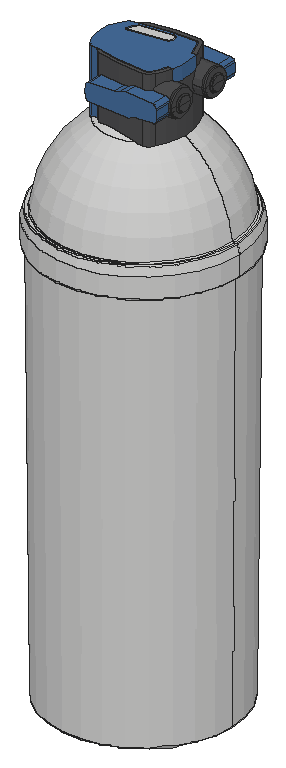
Revit family "QF_Vivreau_PURITY C1100 Quell ST", category Specialty Equipment, Revit 2018
Family settings
  Round Connector Dimension = Use Diameter
  Part Type = Normal
  OmniClass Number = 23.40.40.14.24
  OmniClass Title = Food Dispensing Equipment
  Work Plane-Based = No
  Always vertical = Yes
  Cut with Voids When Loaded = No
  Shared = No
  Room Calculation Point = No
Parameters
  Width = 0' - 7 61/256"  # constant formula
  Weight in Pounds = 16.97
  URL Cutsheet = ""
  URL = "www.vivreauwater.com/professional-filters"
  Status = ""
  Specification by User [instance] = ""
  Specification by Manufacturer = ""
  Serial Number [instance] = ""
  Seismic Rating = ""
  SMACNA No = ""
  Revision Code = ""
  Plumbing Remarks = ""
  Plumbing Connection Type = "NPT"
  NAFEM Spec ID Number = ""
  Mounting Height [instance] = 3' - 0"
  Model = "PURITY C1100 Quell ST"
  Masterspec = "Division 11"
  Manufacturer = "Vivreau"
  Item Number [instance] = ""
  Installed By [instance] = ""
  Identify Quantity as Lot = yes
  Height = 1' - 9 25/32"  # constant formula
  Furnished By [instance] = ""
  Foodservice Equipment Identifier = yes
  Description = "Water Filter"
  Depth = 0' - 7 61/256"  # constant formula
  Cold Water Temperature Recommended = 40 °F
  Cold Water Size = 1/2"
  Cold Water RI Height = 0' - 0"
  Cold Water Minimum Pressure = 29.00 psi
  Cold Water Maximum Pressure = 124.00 psi
  Cold Water Flow = 0.440 GPM
  Cold Water Connection Height = 1' - 9"
  CSI MasterFormat = "11 46 00"
  Assembly Code = "E1090320"
Reference planes (in)
  plane 1 "REF. LAYER": z = 0
  plane 2 "Center (Left/Right)": x = 2.12413
  plane 3 "Center (Front/Back)": y = -2.125
  plane 4 "Center (Bottom/Top)": z = 47.30363
  plane 5 "Center F/C": z = 57.78125
  plane 6 "Center F/G": z = 55.96271
  plane 7 "Center F/I": z = 56.87844
  plane 8 "Center F/J": x = 4.31004
  plane 9 "Center F/X": x = -1.49531
  plane 10 "Center F/Y": x = 5.74297
  plane 11 "Center F/Z": z = 36
  plane 12 "Center F/AA": y = -5.745
  plane 13 "Center F/BB": y = 1.49328
Forms (in)
  Revolve 1, solid, material "QF_Plastic-Grey-Vivreau"
    sketch origin (0, -2.125, 0) x (1, 0, 0) y (0, 0, 1)
      loop
        line (2.12357, 36) -> (5.44715, 36)
        arc (5.44715, 36) -> (5.46152, 36.00591) -> (5.46756, 36.02023) r 0.02041
        line (5.46756, 36.02023) -> (5.60042, 51.24409) -> (5.72603, 51.24409)
        arc (5.72603, 51.24409) -> (5.73989, 51.2498) -> (5.74571, 51.26361) r 0.01969
        line (5.74571, 51.26361) -> (5.73919, 52.01147) -> (5.65734, 52.31693)
        arc (5.65734, 52.31693) -> (5.64328, 52.33798) -> (5.61931, 52.34611) r 0.03937
        line (5.61931, 52.34611) -> (5.52208, 52.34611)
        arc (5.52208, 52.34611) -> (5.49849, 52.35396) -> (5.48431, 52.37437) r 0.03937
        arc (5.48431, 52.37437) -> (4.90541, 54.08272) -> (3.65003, 55.37795) r 4.10473
        arc (3.65003, 55.37795) -> (3.5128, 55.46215) -> (3.37088, 55.53818) r 2.75591
        line (3.37088, 55.53818) -> (3.02241, 55.53818) -> (3.02241, 55.96271) -> (2.12357, 55.96271) -> (2.12357, 36)
      axis (2.12357, 55.96271) -> (2.12357, 36)
    angle from 0 to 360
Lines and regions (in)
  symbolic lines
    curve 1: circle (2.12413, -2.125, 0) r 3.62 normal (0, 0, 1)
Dimensions and locks (in)
  plane 7 "Center F/I" to plane 6 "Center F/G" to plane 4 "Center (Bottom/Top)" to plane 11 "Center F/Z" = 0' - 0.91573" locked, 0' - 8.65907" locked, 0' - 11.30363" locked
  "Height": plane 5 "Center F/C" to plane 11 "Center F/Z"
  "Mounting Height": plane 11 "Center F/Z" to plane 1 "REF. LAYER"
  "Width": plane 9 "Center F/X" to plane 10 "Center F/Y"
  "Depth": plane 13 "Center F/BB" to plane 12 "Center F/AA"
  aligned and locked: level to plane 1 "REF. LAYER"
  aligned and locked: plane 3 "Center (Front/Back)" to nested 1
Automatic sketch dimensions
  curve 1 to plane 2 "Center (Left/Right)" = 0' - 0"
  plane 3 "Center (Front/Back)" to curve 1 = 0' - 0"
  Revolve 1 sketch curve to plane 6 "Center F/G" = 0' - 0"
  Revolve 1 sketch curve to plane 11 "Center F/Z" = 0' - 0"
  Revolve 1 sketch curve to plane 2 "Center (Left/Right)" = 0' - 0.72186"
  Revolve 1 sketch curve to plane 2 "Center (Left/Right)" = 0' - 0.00056"  (x2)
  plane 2 "Center (Left/Right)" to Revolve 1 sketch curve = 0' - 0.01676"
  Revolve 1 sketch curve to plane 6 "Center F/G" = 0' - 0.42452"
  plane 2 "Center (Left/Right)" to Revolve 1 sketch curve = 0' - 0.89828"
  Revolve 1 sketch curve to Revolve 1 sketch curve = 0' - 0.34847"
  plane 10 "Center F/Y" to Revolve 1 sketch curve = 0' - 0.29581"
  plane 11 "Center F/Z" to Revolve 1 sketch curve = 0' - 0.02023"
  Revolve 1 sketch curve to Revolve 1 sketch curve = 0' - 0.02041"
  plane 10 "Center F/Y" to Revolve 1 sketch curve = 0' - 0.22089"
  plane 10 "Center F/Y" to Revolve 1 sketch curve = 0' - 0.14255"
  Revolve 1 sketch curve to Revolve 1 sketch curve = 0' - 0.09723"
  Revolve 1 sketch curve to Revolve 1 sketch curve = 0' - 0.03803"
  plane 10 "Center F/Y" to Revolve 1 sketch curve = 0' - 0.01694"
  plane 10 "Center F/Y" to Revolve 1 sketch curve = 0' - 0.00378"
  Revolve 1 sketch curve to plane 10 "Center F/Y" = 0' - 0.00274"
  plane 4 "Center (Bottom/Top)" to Revolve 1 sketch curve = 0' - 3.94046"
  Revolve 1 sketch curve to Revolve 1 sketch curve = 0' - 0.01969"
  Revolve 1 sketch curve to Revolve 1 sketch curve = 0' - 3.59482"
  Revolve 1 sketch curve to Revolve 1 sketch curve = 0' - 0.74786"
  Revolve 1 sketch curve to Revolve 1 sketch curve = 0' - 0.29528"
  Revolve 1 sketch curve to Revolve 1 sketch curve = 0' - 0.01019"
  Revolve 1 sketch curve to Revolve 1 sketch curve = 0' - 0.03937"
  Revolve 1 sketch curve to Revolve 1 sketch curve = 0' - 1.12862"
  Revolve 1 sketch curve to Revolve 1 sketch curve = 0' - 0"
  plane 11 "Center F/Z" to Revolve 1 sketch curve = 0' - 1.23725"
  Revolve 1 sketch curve to Revolve 1 sketch curve = 0' - 0.80093"
  radius of curve 1 = 0' - 3.62"
Nested families (in)
  nested 1: "QF_Vivreau_ Filter Head_C1100" at (0.56167, -0.22503, 0), Mounting Height <- "Mounting Height", type "QF_Vivreau_ Filter Head_C1100"
    with Specification by User "", Serial Number "", Installed By "", Furnished By ""
Connectors (in)
  piping at (4.31004, -2.9124, 56.92578), diameter 0.5, driven by "Cold Water Size", driven by "Cold Water Flow"
    settings: on nested 1, index 1, connector inside diameter 24", connector length 0' - 0", flow factor 0, pipe flow 0.440 GPM, pressure drop 0.00 psi, fitting loss kfactor 0, connector angle 0.00°, fixture units 0, engagement length 0' - 0", angle of deflection 0.00°, flow configuration 1, flow direction 1, fitting loss method 0, system type 20, joint type 0, gender type 0, connector reference index -1, connector utility 0, adjustable connector no, is connector primary yes, connector description "Cold Water"
Definition of nested family "QF_Vivreau_ Filter Head_C1100"
  Parameters (values of type "QF_Vivreau_ Filter Head_C1100")
    Width = 3' - 0"
    Weight in Pounds = 0
    URL Cutsheet = ""
    Status = ""
    Specification by User [instance] = ""
    Specification by Manufacturer = ""
    Serial Number [instance] = ""
    Seismic Rating = ""
    SMACNA No = ""
    Revision Code = ""
    NAFEM Spec ID Number = ""
    Mounting Height [instance] = 3' - 0"
    Masterspec = ""
    Installed By [instance] = ""
    Identify Quantity as Lot = yes
    Height = 3' - 0"
    Furnished By [instance] = ""
    Foodservice Equipment Identifier = yes
    Depth = 3' - 0"
    CSI MasterFormat = ""
  Reference planes (in)
    plane 1 "BACK": y = 0
    plane 2 "REF. LAYER": z = 0
    plane 3 "LEFT": x = 0
    plane 4 "Center F/C": x = 3.74837
    plane 5 "Center F/D": y = -3.83618
    plane 6 "Center F/E": z = 56.92578
    plane 7 "Center F/F": z = 57.78067
    plane 8 "Center F/G": z = 55.35685
    plane 9 "Center F/H": z = 56.45244
    plane 10 "Center F/I": z = 57.28053
    plane 11 "Center F/J": y = -1.89997
    plane 12 "Center F/Q": z = 36
    plane 13 "Center F/R": z = 57.63786
  Forms (in)
    Extrusion 1, solid
      sketch origin (-0.56167, 0.22503, 0) x (1, 0, 0) y (0, 1, 0)
        loop
          arc (3.17939, -3.30146) -> (3.22697, -3.28602) -> (3.25911, -3.24769) r 0.09059
          arc (3.25911, -3.24769) -> (3.55796, -2.125) -> (3.25911, -1.00231) r 2.25819
          arc (3.25911, -1.00231) -> (3.22697, -0.96398) -> (3.17939, -0.94854) r 0.09059
          arc (3.17939, -0.94854) -> (2.02567, -0.99526) -> (0.89165, -1.21272) r 7.75678
          arc (0.89165, -1.21272) -> (0.86179, -1.21999) -> (0.83702, -1.2382) r 0.07824
          arc (0.83702, -1.2382) -> (0.56167, -2.125) -> (0.83702, -3.0118) r 1.56569
          arc (0.83702, -3.0118) -> (0.86179, -3.03001) -> (0.89165, -3.03728) r 0.07824
          arc (0.89165, -3.03728) -> (2.02567, -3.25474) -> (3.17939, -3.30146) r 7.75678
      from 55.35685 to 57.78067
    Revolve 2, solid
      sketch origin (-16.04659, -180, 56.92578) x (-1, 0, 0) y (0, -1, 0)
        loop
          line (-19.59812, -178.88743) -> (-18.72075, -178.88743) -> (-18.7668, -178.36111) -> (-19.59812, -178.37562) -> (-19.59812, -178.88743)
        axis (-18.72075, -178.88743) -> (-19.59812, -178.88743)
      angle from 0 to 360
    Revolve 3, solid
      sketch origin (-16.04659, -180, 56.92578) x (-1, 0, 0) y (0, -1, 0)
        loop
          line (-19.59812, -177.31262) -> (-18.72075, -177.31262) -> (-18.7668, -176.7863) -> (-19.59812, -176.80081) -> (-19.59812, -177.31262)
        axis (-18.72075, -177.31262) -> (-19.59812, -177.31262)
      angle from 0 to 360
    Extrusion 4, void
      sketch origin (-0.56167, 0.22503, 0) x (0, 1, 0) y (0, 0, 1)
        loop
          circle (-2.125, 56.39429) r 0.20757
      from 3.17075 to 3.70744
    Extrusion 5, void
      sketch origin (-2.8954, 0.22503, 0) x (0, 1, 0) y (0, 0, 1)
        loop
          circle (-2.125, 56.39429) r 0.20757
      from 2.77402 to 3.28855
    Revolve 6, solid
      sketch origin (-16.04659, -180, 56.92578) x (-1, 0, 0) y (0, -1, 0)
        loop
          line (-19.59812, -178.88743) -> (-19.59812, -178.41499) -> (-19.69654, -178.41499) -> (-19.69654, -178.58034) -> (-19.73591, -178.58379) -> (-19.73591, -178.63349) -> (-19.79497, -178.63349) -> (-19.79497, -178.88743) -> (-19.59812, -178.88743)
        axis (-19.59812, -178.88743) -> (-19.79497, -178.88743)
      angle from 0 to 360
    Revolve 7, solid
      sketch origin (-16.04659, -180, 56.92578) x (-1, 0, 0) y (0, -1, 0)
        loop
          line (-19.59812, -177.31262) -> (-19.59812, -176.84018) -> (-19.69654, -176.84018) -> (-19.69654, -177.00554) -> (-19.73591, -177.00898) -> (-19.73591, -177.05869) -> (-19.79497, -177.05869) -> (-19.79497, -177.31262) -> (-19.59812, -177.31262)
        axis (-19.59812, -177.31262) -> (-19.79497, -177.31262)
      angle from 0 to 360
    Extrusion 8, solid
      sketch origin (0, 0, 0) x (0, 1, 0) y (0, 0, 1)
        loop
          circle (-1.89997, 56.39429) r 0.20757
        loop
          circle (-1.89997, 56.39429) r 0.14507
      from 2.60908 to 3.01441
    Extrusion 9, solid
      sketch origin (-2.62125, 0, 0) x (0, 1, 0) y (0, 0, 1)
        loop
          circle (-1.89997, 56.39429) r 0.20757
        loop
          circle (-1.89997, 56.39429) r 0.14507
      from 2.60908 to 3.01441
    Extrusion 10, solid
      sketch origin (0, 0, 21.16016) x (1, 0, 0) y (0, 1, 0)
        loop
          arc (2.61773, -0.72352) -> (2.65703, -0.73399) -> (2.68778, -0.7606) r 0.09059
          arc (2.68778, -0.7606) -> (2.99629, -1.89997) -> (2.68778, -3.03935) r 2.25819
          arc (2.68778, -3.03935) -> (2.65703, -3.06596) -> (2.61773, -3.07643) r 0.09059
          arc (2.61773, -3.07643) -> (1.60555, -3.04475) -> (0.60613, -2.88147) r 7.75678
          arc (0.60613, -2.88147) -> (0.72009, -2.98959) -> (0.8462, -3.08325) r 1.30616
          arc (0.8462, -3.08325) -> (1.72654, -3.2138) -> (2.6163, -3.23254) r 7.05821
          arc (2.6163, -3.23254) -> (2.77551, -3.16312) -> (2.87152, -3.01839) r 0.30684
          arc (2.87152, -3.01839) -> (3.18694, -1.89997) -> (2.87152, -0.78156) r 2.14057
          arc (2.87152, -0.78156) -> (2.77551, -0.63683) -> (2.6163, -0.5674) r 0.30684
          arc (2.6163, -0.5674) -> (1.72654, -0.58614) -> (0.8462, -0.7167) r 7.05821
          arc (0.8462, -0.7167) -> (0.72009, -0.81036) -> (0.60613, -0.91847) r 1.30616
          arc (0.60613, -0.91847) -> (1.60555, -0.7552) -> (2.61773, -0.72352) r 7.75678
      from 34.19669 to 36.62051
    Extrusion 11, void
      sketch origin (0, 0, 21.16016) x (1, 0, 0) y (0, 1, 0)
        loop
          arc (2.92876, -1.35185) -> (2.99629, -1.89997) -> (2.92876, -2.4481) r 2.25819
          line (2.92876, -2.4481) -> (3.11557, -2.4481)
          arc (3.11557, -2.4481) -> (3.18694, -1.89997) -> (3.11557, -1.35185) r 2.14057
          line (3.11557, -1.35185) -> (2.92876, -1.35185)
      from 36.62051 to 36.12038
    Extrusion 12, solid
      sketch origin (0, 0, 14.26953) x (1, 0, 0) y (0, 1, 0)
        loop
          arc (0.70049, -1.02146) -> (0.59462, -1.21203) -> (0.51669, -1.41563) r 1.54109
          arc (0.51669, -1.41563) -> (0.54, -1.44367) -> (0.57618, -1.44818) r 0.04958
          arc (0.57618, -1.44818) -> (1.21574, -1.31536) -> (1.86503, -1.24405) r 6.85047
          arc (1.86503, -1.24405) -> (2.03249, -1.03201) -> (1.82552, -0.85833) r 0.19395
          arc (1.82552, -0.85833) -> (1.26009, -0.91975) -> (0.70049, -1.02146) r 7.94315
      from 43.36833 to 43.51113
    Extrusion 13, solid
      sketch origin (0, 0, 21.16016) x (1, 0, 0) y (0, 1, 0)
        loop
          arc (3.11557, -2.4481) -> (3.18694, -1.89997) -> (3.11557, -1.35185) r 2.14057
          line (3.11557, -1.35185) -> (2.92876, -1.35185)
          arc (2.92876, -1.35185) -> (2.99629, -1.89997) -> (2.92876, -2.4481) r 2.25819
          line (2.92876, -2.4481) -> (3.11557, -2.4481)
      from 36.12038 to 36.62051
    Extrusion 14, void
      sketch origin (0, 0, 18.24219) x (1, 0, 0) y (0, 1, 0)
        loop
          arc (0.57618, -1.44818) -> (1.21574, -1.31536) -> (1.86503, -1.24405) r 6.85047
          arc (1.86503, -1.24405) -> (2.03249, -1.03201) -> (1.82552, -0.85833) r 0.19395
          arc (1.82552, -0.85833) -> (1.26009, -0.91975) -> (0.70049, -1.02146) r 7.94315
          arc (0.70049, -1.02146) -> (0.59462, -1.21203) -> (0.51669, -1.41563) r 1.54109
          arc (0.51669, -1.41563) -> (0.54, -1.44367) -> (0.57618, -1.44818) r 0.04958
      from 39.39567 to 39.53848
  Cuts and joins
    Extrusion 4, Extrusion 5, Extrusion 14 cuts Extrusion 1
    joined: Extrusion 1, Extrusion 13
    Extrusion 11 cuts Extrusion 10
  Lines and regions (in)
    symbolic lines
      curve 1: arc (0.32999, -2.81225, 0) -> (1.464, -3.02972, 0) -> (2.61773, -3.07643, 0) r 7.75678
      curve 2: arc (2.61773, -3.07643, 0) -> (2.6653, -3.061, 0) -> (2.69744, -3.02266, 0) r 0.09059
      curve 3: arc (2.69744, -3.02266, 0) -> (2.99629, -1.89997, 0) -> (2.69744, -0.77728, 0) r 2.25819
      curve 4: arc (2.69744, -0.77728, 0) -> (2.6653, -0.73895, 0) -> (2.61773, -0.72352, 0) r 0.09059
      curve 5: arc (2.61773, -0.72352, 0) -> (1.464, -0.77023, 0) -> (0.32999, -0.9877, 0) r 7.75678
      curve 6: arc (0.32999, -0.9877, 0) -> (0.30012, -0.99496, 0) -> (0.27535, -1.01317, 0) r 0.07824
      curve 7: arc (0.27535, -1.01317, 0) -> (0, -1.89997, 0) -> (0.27535, -2.78678, 0) r 1.56569
      curve 8: arc (0.27535, -2.78678, 0) -> (0.30012, -2.80499, 0) -> (0.32999, -2.81225, 0) r 0.07824
      curve 9: line (3.74837, -2.94131, 0) -> (3.68932, -2.94131, 0)
      curve 10: arc (0.85161, -0.6986, 0) -> (0.82653, -0.78661, 0) -> (0.80424, -0.87538, 0) r 2.89017
      curve 11: arc (0.85161, -0.6986, 0) -> (0.87512, -0.61425, 0) -> (0.90582, -0.53225, 0) r 1.0142
      curve 12: arc (0.90582, -0.53225, 0) -> (0.95826, -0.37458, 0) -> (1.01402, -0.21806, 0) r 7.87402
      curve 13: arc (1.01402, -0.21806, 0) -> (1.03304, -0.19156, 0) -> (1.06321, -0.17918, 0) r 0.05912
      curve 14: arc (1.06321, -0.17918, 0) -> (2.22788, -0.07327, 0) -> (3.39529, -0.1428, 0) r 7.79531
      curve 15: arc (3.39529, -0.1428, 0) -> (3.42859, -0.1583, 0) -> (3.44724, -0.18996, 0) r 0.0619
      curve 16: arc (3.44724, -0.18996, 0) -> (3.48188, -0.39473, 0) -> (3.50801, -0.60076, 0) r 5.02104
      curve 17: line (3.64995, -0.64013, 0) -> (3.55152, -0.64013, 0)
      curve 18: line (3.55152, -0.64013, 0) -> (3.55152, -0.60076, 0)
      curve 19: line (3.55152, -0.60076, 0) -> (3.50801, -0.60076, 0)
      curve 20: line (3.55152, -0.64013, 0) -> (3.55152, -1.62438, 0)
      curve 21: line (3.55152, -1.62438, 0) -> (2.98062, -1.63435, 0)
      curve 22: line (3.64995, -1.58501, 0) -> (3.55152, -1.58501, 0)
      curve 23: line (3.64995, -1.58501, 0) -> (3.64995, -0.64013, 0)
      curve 24: line (3.68932, -1.41621, 0) -> (3.64995, -1.41966, 0)
      curve 25: line (3.68932, -1.41621, 0) -> (3.68932, -0.80849, 0)
      curve 26: line (3.74837, -0.85864, 0) -> (3.68932, -0.85864, 0)
      curve 27: line (3.74837, -0.85864, 0) -> (3.74837, -1.36651, 0)
      curve 28: line (3.74837, -1.36651, 0) -> (3.68932, -1.36651, 0)
      curve 29: line (3.64995, -3.15982, 0) -> (3.55152, -3.15982, 0)
      curve 30: line (3.55152, -3.15982, 0) -> (3.55152, -3.19919, 0)
      curve 31: line (3.55152, -3.19919, 0) -> (3.50801, -3.19919, 0)
      curve 32: line (3.55152, -3.15982, 0) -> (3.55152, -2.17556, 0)
      curve 33: line (3.64995, -2.21493, 0) -> (3.55152, -2.21493, 0)
      curve 34: line (3.64995, -2.21493, 0) -> (3.64995, -3.15982, 0)
      curve 35: line (3.68932, -2.38373, 0) -> (3.64995, -2.38029, 0)
      curve 36: line (3.68932, -2.38373, 0) -> (3.68932, -2.99146, 0)
      curve 37: line (3.74837, -2.94131, 0) -> (3.68932, -2.94131, 0)
      curve 38: line (3.74837, -2.94131, 0) -> (3.74837, -2.43344, 0)
      curve 39: line (3.74837, -2.43344, 0) -> (3.68932, -2.43344, 0)
      curve 40: arc (0.85161, -3.10135, 0) -> (0.82653, -3.01334, 0) -> (0.80424, -2.92457, 0) r 2.89017
      curve 41: arc (0.85161, -3.10135, 0) -> (0.87512, -3.1857, 0) -> (0.90582, -3.2677, 0) r 1.0142
      curve 42: arc (0.90582, -3.2677, 0) -> (0.95826, -3.42537, 0) -> (1.01402, -3.58189, 0) r 7.87402
      curve 43: arc (1.01402, -3.58189, 0) -> (1.03304, -3.60839, 0) -> (1.06321, -3.62077, 0) r 0.05912
      curve 44: arc (1.06321, -3.62077, 0) -> (2.22788, -3.72667, 0) -> (3.39529, -3.65715, 0) r 7.79531
      curve 45: arc (3.39529, -3.65715, 0) -> (3.42859, -3.64164, 0) -> (3.44724, -3.60999, 0) r 0.0619
      curve 46: arc (3.44724, -3.60999, 0) -> (3.48188, -3.40522, 0) -> (3.50801, -3.19919, 0) r 5.02104
      curve 47: line (3.55152, -3.15982, 0) -> (3.55152, -3.19919, 0)
      curve 48: line (3.55152, -3.19919, 0) -> (3.50801, -3.19919, 0)
      curve 49: line (3.55152, -3.15982, 0) -> (3.55152, -2.17556, 0)
      curve 50: line (3.55152, -2.17556, 0) -> (2.98062, -2.1656, 0)
      curve 51: line (0, 0, 0) -> (3.74837, 0, 0)
      curve 52: line (0, -1.89997, 0) -> (2.99629, -1.89997, 0)
      curve 53: line (3.64995, -0.80549, 0) -> (3.68932, -0.80849, 0)
      curve 54: line (3.64995, -2.99446, 0) -> (3.68932, -2.99146, 0)
  Dimensions and locks (in)
    plane 7 "Center F/F" to plane 10 "Center F/I" to plane 6 "Center F/E" to plane 9 "Center F/H" to plane 8 "Center F/G" = 0' - 0.50013" locked, 0' - 0.35475" locked, 0' - 0.47334" locked, 0' - 1.09559" locked
    plane 5 "Center F/D" to plane 11 "Center F/J" to plane 1 "BACK" = 0' - 1.93621" locked, 0' - 1.89997" locked
    locked: plane 6 "Center F/E" to nested 1 at 0.05953
    locked: plane 8 "Center F/G" to plane 12 "Center F/Q" at 19.35685
    "Mounting Height": plane 12 "Center F/Q" to plane 2 "REF. LAYER"
    locked: plane 7 "Center F/F" to plane 13 "Center F/R" at 0.14281
    aligned and locked: level to plane 2 "REF. LAYER"
    aligned and locked: plane 7 "Center F/F" to cut or joined group of Extrusion 1, Extrusion 4, Extrusion 5, Extrusion 13, Extrusion 14
    aligned and locked: cut or joined group of Extrusion 1, Extrusion 4, Extrusion 5, Extrusion 13, Extrusion 14 to plane 8 "Center F/G"
    aligned and locked: nested 1 to plane 11 "Center F/J"
    aligned and locked: plane 11 "Center F/J" to nested 1
    aligned and locked: Extrusion 10 to plane 8 "Center F/G"
    aligned and locked: plane 7 "Center F/F" to Extrusion 10
    aligned and locked: Extrusion 13 to plane 10 "Center F/I"
    aligned and locked: Extrusion 11 to plane 10 "Center F/I"
    aligned and locked: plane 7 "Center F/F" to Extrusion 13
    aligned and locked: plane 7 "Center F/F" to Extrusion 11
    aligned and locked: Extrusion 12 to plane 13 "Center F/R"
    aligned and locked: plane 7 "Center F/F" to Extrusion 12
    aligned and locked: Extrusion 14 to plane 13 "Center F/R"
    aligned and locked: plane 7 "Center F/F" to Extrusion 14
  Automatic sketch dimensions
    curve 51 to level = 0' - 0"
    curve 51 to plane 3 "LEFT" = 0' - 0"
    curve 51 to plane 4 "Center F/C" = 0' - 0"
    curve 52 to plane 3 "LEFT" = 0' - 0"
    plane 11 "Center F/J" to curve 3 = 0' - 0"
    plane 11 "Center F/J" to curve 7 = 0' - 0"
    plane 11 "Center F/J" to curve 52 = 0' - 0"
    curve 39 to plane 4 "Center F/C" = 0' - 0"
    curve 28 to plane 4 "Center F/C" = 0' - 0"
    curve 16 to plane 3 "LEFT" = 0' - 1.48511"
    curve 46 to plane 3 "LEFT" = 0' - 1.48511"
    plane 3 "LEFT" to curve 8 = 0' - 0.33318"
    plane 3 "LEFT" to curve 6 = 0' - 0.33318"
    curve 52 to curve 3 = 0' - 0.7381"
    plane 1 "BACK" to curve 13 = 0' - 0.23795"
    plane 3 "LEFT" to curve 13 = 0' - 1.0697"
    curve 43 to plane 5 "Center F/D" = 0' - 0.27418"
    plane 3 "LEFT" to curve 43 = 0' - 1.0697"
    curve 3 to curve 7 = 0' - 0.82759"
    curve 7 to curve 11 = 0' - 0.27372"
    curve 7 to curve 41 = 0' - 0.27372"
    curve 14 to plane 4 "Center F/C" = 0' - 1.39888"
    curve 44 to plane 4 "Center F/C" = 0' - 1.39888"
    curve 44 to curve 1 = 0' - 0.00431"
    curve 14 to curve 5 = 0' - 0.00431"
    curve 41 to curve 2 = 0' - 0.77523"
    curve 11 to curve 4 = 0' - 0.77523"
    plane 1 "BACK" to curve 15 = 0' - 0.20414"
    curve 15 to plane 4 "Center F/C" = 0' - 0.36139"
    curve 45 to plane 4 "Center F/C" = 0' - 0.36139"
    curve 48 to plane 4 "Center F/C" = 0' - 0.24036"
    curve 19 to plane 4 "Center F/C" = 0' - 0.24036"
    curve 16 to curve 19 = 0' - 0.04351"
    curve 31 to curve 48 = 0' - 0.04351"
    curve 22 to curve 10 = 0' - 0.0667"
    curve 33 to curve 40 = 0' - 0.0667"
    curve 17 to curve 17 = 0' - 0.09843"
    curve 29 to curve 34 = 0' - 0.09843"
    curve 24 to curve 25 = 0' - 0.03937"
    curve 35 to curve 35 = 0' - 0.03937"
    plane 1 "BACK" to curve 42 = 0' - 0.86161"
    plane 4 "Center F/C" to curve 42 = 0' - 4.65484"
    curve 12 to plane 5 "Center F/D" = 0' - 0.89785"
    curve 12 to curve 42 = 0' - 0"
    curve 45 to plane 5 "Center F/D" = 0' - 0.24037"
    plane 5 "Center F/D" to curve 14 = 0' - 4.03145"
    curve 5 to curve 14 = 0' - 0.60817"
    curve 45 to curve 47 = 0' - 0.39662"
    curve 30 to curve 34 = 0' - 0.03937"
    curve 29 to curve 36 = 0' - 0.16836"
    curve 2 to plane 5 "Center F/D" = 0' - 0.85029"
    curve 36 to curve 9 = 0' - 0.05014"
    curve 2 to curve 41 = 0' - 0.11446"
    plane 11 "Center F/J" to curve 8 = 0' - 0.8341"
    plane 11 "Center F/J" to curve 46 = 0' - 0.77047"
    curve 9 to curve 39 = 0' - 0.50787"
    curve 39 to curve 36 = 0' - 0.04971"
    curve 35 to curve 40 = 0' - 0.11843"
    curve 40 to curve 34 = 0' - 0.05037"
    curve 33 to curve 49 = 0' - 0.03937"
    curve 21 to plane 11 "Center F/J" = 0' - 0.27559"
    curve 20 to curve 22 = 0' - 0.03937"
    curve 22 to curve 10 = 0' - 0.05037"
    curve 10 to curve 24 = 0' - 0.11843"
    curve 24 to curve 27 = 0' - 0.04971"
    curve 16 to plane 11 "Center F/J" = 0' - 0.77047"
    curve 6 to plane 11 "Center F/J" = 0' - 0.8341"
    plane 1 "BACK" to curve 11 = 0' - 0.92852"
    curve 27 to curve 26 = 0' - 0.50787"
    curve 11 to curve 4 = 0' - 0.11446"
    curve 26 to curve 25 = 0' - 0.05014"
    curve 25 to curve 17 = 0' - 0.16836"
    curve 17 to curve 19 = 0' - 0.03937"
    curve 44 to plane 1 "BACK" = 0' - 4.06768"
    curve 44 to curve 1 = 0' - 0.60817"
    curve 8 to curve 8 = 0' - 0.05783"
    curve 6 to curve 6 = 0' - 0.05783"
    curve 7 to curve 6 = 0' - 0.05464"
    curve 8 to curve 8 = 0' - 0.05464"
    curve 8 to curve 40 = 0' - 0.47425"
    curve 5 to curve 10 = 0' - 0.47425"
    curve 40 to curve 40 = 0' - 0.04737"
    curve 10 to curve 10 = 0' - 0.04737"
    curve 10 to curve 11 = 0' - 0.05421"
    curve 41 to curve 41 = 0' - 0.05421"
    curve 43 to curve 43 = 0' - 0.05568"
    curve 12 to curve 13 = 0' - 0.05568"
    curve 43 to curve 43 = 0' - 0.00649"
    curve 13 to curve 13 = 0' - 0.00649"
    curve 4 to curve 5 = 0' - 0"
    curve 2 to curve 1 = 0' - 0"
    curve 2 to curve 2 = 0' - 0.08279"
    curve 21 to plane 11 "Center F/J" = 0' - 0 17/64"
    plane 11 "Center F/J" to curve 50 = 0' - 0 17/64"
    curve 15 to curve 14 = 0' - 0"
    curve 45 to curve 44 = 0' - 0"
    curve 54 to curve 36 = 0' - 0.00301"
    curve 35 to curve 35 = 0' - 0.00344"
    curve 24 to curve 24 = 0' - 0.00344"
    curve 25 to curve 53 = 0' - 0.00301"
    plane 11 "Center F/J" to Extrusion 1 sketch curve = 0' - 0"  (x2)
    plane 3 "LEFT" to Extrusion 1 sketch curve = 0' - 0.33318"  (x2)
    plane 3 "LEFT" to Extrusion 1 sketch curve = 0' - 0.7381"
    Extrusion 1 sketch curve to Extrusion 1 sketch curve = 0' - 0.82759"
    Extrusion 1 sketch curve to plane 4 "Center F/C" = 0' - 1.39457"  (x2)
    Extrusion 1 sketch curve to plane 4 "Center F/C" = 0' - 1.13373"  (x2)
    plane 11 "Center F/J" to Extrusion 1 sketch curve = 0' - 0.8341"
    Extrusion 1 sketch curve to plane 5 "Center F/D" = 0' - 0.85029"
    plane 5 "Center F/D" to Extrusion 1 sketch curve = 0' - 4.63962"
    Extrusion 1 sketch curve to plane 11 "Center F/J" = 0' - 0.8341"
    plane 1 "BACK" to Extrusion 1 sketch curve = 0' - 0.81406"
    Extrusion 1 sketch curve to plane 1 "BACK" = 0' - 4.67585"
    Extrusion 1 sketch curve to Extrusion 1 sketch curve = 0' - 0.0032"  (x2)
    Extrusion 1 sketch curve to Extrusion 1 sketch curve = 0' - 0.05464"  (x2)
    Extrusion 1 sketch curve to Extrusion 1 sketch curve = 0' - 0.00308"  (x2)
    Extrusion 1 sketch curve to Extrusion 1 sketch curve = 0' - 0"
    Extrusion 1 sketch curve to Extrusion 1 sketch curve = 0' - 0.08279"
    Revolve 2 sketch curve to plane 4 "Center F/C" = 0' - 0.19685"
    Revolve 2 sketch curve to plane 11 "Center F/J" = 0' - 0.26108"
    Revolve 2 sketch curve to Revolve 2 sketch curve = 0' - 0.83132"
    Revolve 2 sketch curve to Revolve 2 sketch curve = 0' - 0.04605"
    Revolve 2 sketch curve to plane 11 "Center F/J" = 0' - 0.27559"
    Revolve 2 sketch curve to Revolve 2 sketch curve = 0' - 0.52632"
    Revolve 2 sketch curve to Revolve 2 sketch curve = 0' - 0"  (x3)
    Revolve 3 sketch curve to plane 4 "Center F/C" = 0' - 0.19685"
    Revolve 3 sketch curve to Revolve 3 sketch curve = 0' - 0.83132"
    Revolve 3 sketch curve to Revolve 3 sketch curve = 0' - 0.04605"
    plane 11 "Center F/J" to Revolve 3 sketch curve = 0' - 0.7874"
    Revolve 3 sketch curve to Revolve 3 sketch curve = 0' - 0.51181"
    Revolve 3 sketch curve to Revolve 3 sketch curve = 0' - 0.52632"
    Revolve 3 sketch curve to Revolve 3 sketch curve = 0' - 0"  (x3)
    Extrusion 4 sketch curve to plane 11 "Center F/J" = 0' - 0"
    Extrusion 4 sketch curve to plane 9 "Center F/H" = 0' - 0.05816"
    Extrusion 5 sketch curve to plane 11 "Center F/J" = 0' - 0"
    Extrusion 5 sketch curve to plane 9 "Center F/H" = 0' - 0.05816"
    Revolve 6 sketch curve to plane 4 "Center F/C" = 0' - 0"
    Revolve 6 sketch curve to plane 4 "Center F/C" = 0' - 0.05906"
    Revolve 6 sketch curve to Revolve 6 sketch curve = 0' - 0.03937"
    Revolve 6 sketch curve to Revolve 6 sketch curve = 0' - 0.09843"
    Revolve 6 sketch curve to plane 11 "Center F/J" = 0' - 0.7874"
    Revolve 6 sketch curve to Revolve 6 sketch curve = 0' - 0.25394"
    Revolve 6 sketch curve to Revolve 6 sketch curve = 0' - 0.04971"
    Revolve 6 sketch curve to Revolve 6 sketch curve = 0' - 0.00344"
    Revolve 6 sketch curve to Revolve 6 sketch curve = 0' - 0.16535"
    Revolve 6 sketch curve to Revolve 6 sketch curve = 0' - 0.0902"
    Revolve 6 sketch curve to Revolve 6 sketch curve = 0' - 0"  (x2)
    Revolve 7 sketch curve to plane 4 "Center F/C" = 0' - 0"
    Revolve 7 sketch curve to plane 4 "Center F/C" = 0' - 0.05906"
    Revolve 7 sketch curve to Revolve 7 sketch curve = 0' - 0.03937"
    Revolve 7 sketch curve to Revolve 7 sketch curve = 0' - 0.09843"
    plane 11 "Center F/J" to Revolve 7 sketch curve = 0' - 0.7874"
    Revolve 7 sketch curve to Revolve 7 sketch curve = 0' - 0.25394"
    Revolve 7 sketch curve to Revolve 7 sketch curve = 0' - 0.04971"
    Revolve 7 sketch curve to Revolve 7 sketch curve = 0' - 0.00344"
    Revolve 7 sketch curve to Revolve 7 sketch curve = 0' - 0.16535"
    Revolve 7 sketch curve to Revolve 7 sketch curve = 0' - 0.0902"
    Revolve 7 sketch curve to Revolve 7 sketch curve = 0' - 0"  (x2)
    Extrusion 8 sketch curve to Extrusion 8 sketch curve = 0' - 0"  (x6)
    Extrusion 8 sketch curve to plane 11 "Center F/J" = 0' - 0"
    Extrusion 8 sketch curve to plane 9 "Center F/H" = 0' - 0.05816"
    Extrusion 8 sketch curve to Extrusion 8 sketch curve = 0' - 0.14507"
    Extrusion 9 sketch curve to Extrusion 9 sketch curve = 0' - 0"  (x6)
    Extrusion 9 sketch curve to plane 11 "Center F/J" = 0' - 0"
    Extrusion 9 sketch curve to plane 9 "Center F/H" = 0' - 0.05816"
    Extrusion 9 sketch curve to Extrusion 9 sketch curve = 0' - 0.14507"
    plane 11 "Center F/J" to Extrusion 10 sketch curve = 0' - 0"  (x2)
    plane 3 "LEFT" to Extrusion 10 sketch curve = 0' - 0.7381"
    Extrusion 10 sketch curve to Extrusion 10 sketch curve = 0' - 0.30827"
    plane 11 "Center F/J" to Extrusion 10 sketch curve = 0' - 0.08971"
    Extrusion 10 sketch curve to Extrusion 10 sketch curve = 0' - 0.5141"
    Extrusion 10 sketch curve to Extrusion 10 sketch curve = 0' - 0"  (x3)
    Extrusion 10 sketch curve to plane 4 "Center F/C" = 0' - 1.42862"  (x2)
    Extrusion 10 sketch curve to Extrusion 10 sketch curve = 0' - 0.03406"  (x2)
    Extrusion 10 sketch curve to plane 4 "Center F/C" = 0' - 1.1701"  (x2)
    Extrusion 10 sketch curve to Extrusion 10 sketch curve = 0' - 0.03637"  (x2)
    Extrusion 10 sketch curve to plane 5 "Center F/D" = 0' - 0.90812"
    Extrusion 10 sketch curve to Extrusion 10 sketch curve = 0' - 0.05782"  (x2)
    plane 5 "Center F/D" to Extrusion 10 sketch curve = 0' - 3.78319"
    Extrusion 10 sketch curve to Extrusion 10 sketch curve = 0' - 0.85642"  (x2)
    Extrusion 10 sketch curve to plane 11 "Center F/J" = 0' - 0.08971"
    plane 1 "BACK" to Extrusion 10 sketch curve = 0' - 0.87188"
    Extrusion 10 sketch curve to plane 1 "BACK" = 0' - 3.81943"
    plane 3 "LEFT" to Extrusion 10 sketch curve = 0' - 0.60613"  (x2)
    Extrusion 10 sketch curve to Extrusion 10 sketch curve = 0' - 0.24007"  (x2)
    Extrusion 10 sketch curve to Extrusion 10 sketch curve = 0' - 0.00166"  (x2)
    Extrusion 10 sketch curve to Extrusion 10 sketch curve = 0' - 0.00308"  (x2)
    Extrusion 10 sketch curve to Extrusion 10 sketch curve = 0' - 0.07006"
    Extrusion 10 sketch curve to Extrusion 10 sketch curve = 0' - 0.18374"
    plane 11 "Center F/J" to Extrusion 11 sketch curve = 0' - 0"  (x2)
    plane 3 "LEFT" to Extrusion 11 sketch curve = 0' - 0.7381"
    Extrusion 11 sketch curve to Extrusion 11 sketch curve = 0' - 0.30827"
    Extrusion 11 sketch curve to plane 4 "Center F/C" = 0' - 0.81961"
    Extrusion 11 sketch curve to plane 11 "Center F/J" = 0' - 0.54813"
    Extrusion 11 sketch curve to Extrusion 11 sketch curve = 0' - 0"
    Extrusion 11 sketch curve to Extrusion 11 sketch curve = 0' - 0.18681"
    plane 3 "LEFT" to Extrusion 12 sketch curve = 0' - 0.5638"
    Extrusion 12 sketch curve to Extrusion 12 sketch curve = 0' - 1.27575"
    Extrusion 12 sketch curve to plane 11 "Center F/J" = 0' - 0.03665"
    Extrusion 12 sketch curve to Extrusion 12 sketch curve = 0' - 0.15177"
    Extrusion 12 sketch curve to plane 4 "Center F/C" = 0' - 1.46099"
    Extrusion 12 sketch curve to Extrusion 12 sketch curve = 0' - 0.11254"
    plane 5 "Center F/D" to Extrusion 12 sketch curve = 0' - 4.2453"
    Extrusion 12 sketch curve to Extrusion 12 sketch curve = 0' - 0 179/256"
    Extrusion 12 sketch curve to plane 11 "Center F/J" = 0' - 0.4998"
    Extrusion 12 sketch curve to Extrusion 12 sketch curve = 0' - 0.81155"
    Extrusion 12 sketch curve to Extrusion 12 sketch curve = 0' - 0.04711"
    Extrusion 12 sketch curve to Extrusion 12 sketch curve = 0' - 0.01238"
    Extrusion 12 sketch curve to Extrusion 12 sketch curve = 0' - 0"  (x2)
    Extrusion 12 sketch curve to Extrusion 12 sketch curve = 0' - 0.13669"
    plane 11 "Center F/J" to Extrusion 13 sketch curve = 0' - 0"  (x2)
    plane 3 "LEFT" to Extrusion 13 sketch curve = 0' - 0.7381"
    Extrusion 13 sketch curve to Extrusion 13 sketch curve = 0' - 0.30827"
    Extrusion 13 sketch curve to plane 4 "Center F/C" = 0' - 0.81961"
    plane 11 "Center F/J" to Extrusion 13 sketch curve = 0' - 0.54813"
    Extrusion 13 sketch curve to Extrusion 13 sketch curve = 0' - 0"
    Extrusion 13 sketch curve to Extrusion 13 sketch curve = 0' - 0.18681"
    plane 3 "LEFT" to Extrusion 14 sketch curve = 0' - 0.5638"
    Extrusion 14 sketch curve to Extrusion 14 sketch curve = 0' - 1.27575"
    Extrusion 14 sketch curve to plane 11 "Center F/J" = 0' - 0.03665"
    Extrusion 14 sketch curve to Extrusion 14 sketch curve = 0' - 0.15177"
    Extrusion 14 sketch curve to plane 4 "Center F/C" = 0' - 1.46099"
    Extrusion 14 sketch curve to Extrusion 14 sketch curve = 0' - 0.11254"
    plane 5 "Center F/D" to Extrusion 14 sketch curve = 0' - 4.2453"
    Extrusion 14 sketch curve to Extrusion 14 sketch curve = 0' - 0 179/256"
    Extrusion 14 sketch curve to plane 11 "Center F/J" = 0' - 0.4998"
    Extrusion 14 sketch curve to Extrusion 14 sketch curve = 0' - 0.81155"
    Extrusion 14 sketch curve to Extrusion 14 sketch curve = 0' - 0.04711"
    Extrusion 14 sketch curve to Extrusion 14 sketch curve = 0' - 0.01238"
    Extrusion 14 sketch curve to Extrusion 14 sketch curve = 0' - 0"  (x2)
    Extrusion 14 sketch curve to Extrusion 14 sketch curve = 0' - 0.13669"
    radius of Extrusion 4 sketch curve = 0' - 0.20757"
    radius of Extrusion 5 sketch curve = 0' - 0.20757"
    radius of Extrusion 8 sketch curve = 0' - 0.20757"
    radius of Extrusion 9 sketch curve = 0' - 0.20757"
  Nested families (in)
    nested 1: "QF_Vivreau_Filter Handles" at (0, 0.00348, 56.45253), type "QF_Vivreau_Filter Handles"
      with Specification by User "", Serial Number "", Installed By "", Furnished By ""
  Definition of nested family "QF_Vivreau_Filter Handles"
    Parameters (values of type "QF_Vivreau_Filter Handles")
      Width = 3' - 0"
      Weight in Pounds = 0
      URL Cutsheet = ""
      Status = ""
      Specification by User [instance] = ""
      Specification by Manufacturer = ""
      Serial Number [instance] = ""
      Seismic Rating = ""
      SMACNA No = ""
      Revision Code = ""
      NAFEM Spec ID Number = ""
      Masterspec = ""
      Installed By [instance] = ""
      Identify Quantity as Lot = yes
      Height = 3' - 0"
      Furnished By [instance] = ""
      Foodservice Equipment Identifier = yes
      Depth = 3' - 0"
      CSI MasterFormat = ""
    Reference planes (in)
      plane 1 "BACK": y = 0
      plane 2 "REF. LAYER": z = 0
      plane 3 "LEFT": x = 0
      plane 4 "Center F/C": y = -3.80691
      plane 5 "Center F/D": y = -1.90346
      plane 6 "Center F/E": z = 0.82744
      plane 7 "Center F/G": z = 0.41372
    Forms (in)
      Extrusion 1, solid
        sketch origin (0, 0, 0.00057) x (1, 0, 0) y (0, 0, 1)
          loop
            arc (0.8571, 0.55383) -> (0.83682, 0.35511) -> (0.85692, 0.15637) r 0.98817
            arc (0.85692, 0.15637) -> (0.86589, 0.12276) -> (0.88395, 0.09303) r 0.12237
            arc (0.88395, 0.09303) -> (0.93471, 0.05225) -> (0.99753, 0.03515) r 0.15952
            arc (0.99753, 0.03515) -> (1.67538, 0.00582) -> (2.35383, -0.00057) r 20.04898
            arc (2.35383, -0.00057) -> (2.46018, 0.01423) -> (2.5591, 0.056) r 0.41198
            arc (2.5591, 0.056) -> (2.66038, 0.09965) -> (2.76926, 0.11724) r 0.44816
            arc (2.76926, 0.11724) -> (2.80698, 0.11798) -> (2.84471, 0.11743) r 1.0994
            arc (2.84471, 0.11743) -> (3.11065, 0.13237) -> (3.37687, 0.14075) r 10.80002
            arc (3.37687, 0.14075) -> (3.46417, 0.17008) -> (3.51799, 0.24481) r 0.15034
            arc (3.51799, 0.24481) -> (3.52598, 0.27307) -> (3.53184, 0.30184) r 0.39378
            arc (3.53184, 0.30184) -> (3.5372, 0.4622) -> (3.53184, 0.62256) r 2.40126
            arc (3.53184, 0.62256) -> (3.52497, 0.65354) -> (3.51681, 0.6842) r 0.75395
            arc (3.51681, 0.6842) -> (3.46404, 0.75745) -> (3.37897, 0.78767) r 0.1515
            line (3.37897, 0.78767) -> (2.35397, 0.82744)
            arc (2.35397, 0.82744) -> (2.24358, 0.81406) -> (2.14136, 0.77028) r 0.39277
            arc (2.14136, 0.77028) -> (2.03449, 0.72381) -> (1.91904, 0.70788) r 0.42817
            arc (1.91904, 0.70788) -> (1.45811, 0.69557) -> (0.99753, 0.67361) r 21.98526
            arc (0.99753, 0.67361) -> (0.93424, 0.65729) -> (0.88352, 0.61606) r 0.1531
            arc (0.88352, 0.61606) -> (0.86721, 0.58626) -> (0.8571, 0.55383) r 0.17143
        from 0.08356 to 0.9172
      Extrusion 2, solid
        sketch origin (0, -2.80616, 0.00057) x (1, 0, 0) y (0, 0, 1)
          loop
            arc (0.8571, 0.55383) -> (0.83682, 0.35511) -> (0.85692, 0.15637) r 0.98817
            arc (0.85692, 0.15637) -> (0.86589, 0.12276) -> (0.88395, 0.09303) r 0.12237
            arc (0.88395, 0.09303) -> (0.93471, 0.05225) -> (0.99753, 0.03515) r 0.15952
            arc (0.99753, 0.03515) -> (1.67538, 0.00582) -> (2.35383, -0.00057) r 20.04898
            arc (2.35383, -0.00057) -> (2.46018, 0.01423) -> (2.5591, 0.056) r 0.41198
            arc (2.5591, 0.056) -> (2.66038, 0.09965) -> (2.76926, 0.11724) r 0.44816
            arc (2.76926, 0.11724) -> (2.80698, 0.11798) -> (2.84471, 0.11743) r 1.0994
            arc (2.84471, 0.11743) -> (3.11065, 0.13237) -> (3.37687, 0.14075) r 10.80002
            arc (3.37687, 0.14075) -> (3.46417, 0.17008) -> (3.51799, 0.24481) r 0.15034
            arc (3.51799, 0.24481) -> (3.52598, 0.27307) -> (3.53184, 0.30184) r 0.39378
            arc (3.53184, 0.30184) -> (3.5372, 0.4622) -> (3.53184, 0.62256) r 2.40126
            arc (3.53184, 0.62256) -> (3.52497, 0.65354) -> (3.51681, 0.6842) r 0.75395
            arc (3.51681, 0.6842) -> (3.46404, 0.75745) -> (3.37897, 0.78767) r 0.1515
            line (3.37897, 0.78767) -> (2.35397, 0.82744)
            arc (2.35397, 0.82744) -> (2.24358, 0.81406) -> (2.14136, 0.77028) r 0.39277
            arc (2.14136, 0.77028) -> (2.03449, 0.72381) -> (1.91904, 0.70788) r 0.42817
            arc (1.91904, 0.70788) -> (1.45811, 0.69557) -> (0.99753, 0.67361) r 21.98526
            arc (0.99753, 0.67361) -> (0.93424, 0.65729) -> (0.88352, 0.61606) r 0.1531
            arc (0.88352, 0.61606) -> (0.86721, 0.58626) -> (0.8571, 0.55383) r 0.17143
        from 0.08356 to 0.9172
    Lines and regions (in)
      symbolic lines
        curve 1: line (1.75, -1.90346, 0) -> (3.5, -1.90346, 0)
        curve 2: line (0.83856, 0, 0.41372) -> (3.5367, 0, 0.41372)
    Dimensions and locks (in)
      locked: plane 6 "Center F/E" to plane 2 "REF. LAYER" at 0.82744
      equal spacing: plane 6 "Center F/E", plane 7 "Center F/G", plane 2 "REF. LAYER"
      aligned and locked: level to plane 2 "REF. LAYER"
    Automatic sketch dimensions
      curve 2 to plane 7 "Center F/G" = 0' - 0"
      plane 3 "LEFT" to curve 2 = 0' - 0.83856"
      curve 2 to curve 2 = 0' - 2.69814"
      curve 1 to plane 5 "Center F/D" = 0' - 0"
      plane 3 "LEFT" to curve 1 = 0' - 1 3/4"
      curve 1 to curve 1 = 0' - 1 3/4"
      Extrusion 1 sketch curve to level = 0' - 0"  (x2)
      level to Extrusion 1 sketch curve = 0' - 0.17134"
      plane 3 "LEFT" to Extrusion 1 sketch curve = 0' - 0.97844"
      plane 7 "Center F/G" to Extrusion 1 sketch curve = 0' - 0.10746"
      Extrusion 1 sketch curve to Extrusion 1 sketch curve = 0' - 0.02478"
      Extrusion 1 sketch curve to Extrusion 1 sketch curve = 0' - 0.02868"
      Extrusion 1 sketch curve to Extrusion 1 sketch curve = 0' - 0.02179"
      plane 7 "Center F/G" to Extrusion 1 sketch curve = 0' - 0.04905"
      Extrusion 1 sketch curve to Extrusion 1 sketch curve = 0' - 0.11092"
      Extrusion 1 sketch curve to plane 7 "Center F/G" = 0' - 0.05849"
      Extrusion 1 sketch curve to Extrusion 1 sketch curve = 0' - 0.68906"
      Extrusion 1 sketch curve to Extrusion 1 sketch curve = 0' - 0.09378"
      plane 3 "LEFT" to Extrusion 1 sketch curve = 0' - 2.20319"
      plane 3 "LEFT" to Extrusion 1 sketch curve = 0' - 2.27513"
      plane 7 "Center F/G" to Extrusion 1 sketch curve = 0' - 0.0216"
      Extrusion 1 sketch curve to Extrusion 1 sketch curve = 0' - 0.52056"
      Extrusion 1 sketch curve to plane 7 "Center F/G" = 0' - 0.00175"
      Extrusion 1 sketch curve to Extrusion 1 sketch curve = 0' - 0.00519"
      plane 6 "Center F/E" to Extrusion 1 sketch curve = 0' - 0.00057"
      Extrusion 1 sketch curve to Extrusion 1 sketch curve = 0' - 0.00842"
      Extrusion 1 sketch curve to Extrusion 1 sketch curve = 0' - 0.43503"
      plane 7 "Center F/G" to Extrusion 1 sketch curve = 0' - 0.06185"
      Extrusion 1 sketch curve to Extrusion 1 sketch curve = 0' - 0.44173"
      Extrusion 1 sketch curve to Extrusion 1 sketch curve = 0' - 0.02398"
      Extrusion 1 sketch curve to plane 7 "Center F/G" = 0' - 0.04717"
      Extrusion 1 sketch curve to Extrusion 1 sketch curve = 0' - 0.35084"
      Extrusion 1 sketch curve to Extrusion 1 sketch curve = 0' - 0.22978"
      Extrusion 1 sketch curve to Extrusion 1 sketch curve = 0' - 0.23163"
      Extrusion 1 sketch curve to plane 6 "Center F/E" = 0' - 0.0392"
      Extrusion 1 sketch curve to Extrusion 1 sketch curve = 0' - 0.00587"
      plane 3 "LEFT" to Extrusion 1 sketch curve = 0' - 3.58344"
      Extrusion 1 sketch curve to level = 0' - 0.33005"
      Extrusion 1 sketch curve to Extrusion 1 sketch curve = 0' - 0.6508"
      Extrusion 1 sketch curve to Extrusion 1 sketch curve = 0' - 9.67588"
      Extrusion 1 sketch curve to Extrusion 1 sketch curve = 0' - 10 79/128"
      Extrusion 1 sketch curve to Extrusion 1 sketch curve = 0' - 0.0236"
      Extrusion 1 sketch curve to plane 7 "Center F/G" = 0' - 0.12208"
      Extrusion 1 sketch curve to Extrusion 1 sketch curve = 0' - 0.00134"
      Extrusion 1 sketch curve to Extrusion 1 sketch curve = 0' - 0.15138"
      plane 6 "Center F/E" to Extrusion 1 sketch curve = 0' - 0.30918"
      Extrusion 1 sketch curve to Extrusion 1 sketch curve = 1' - 6.91181"
      level to Extrusion 1 sketch curve = 0' - 0.09359"
      Extrusion 1 sketch curve to Extrusion 1 sketch curve = 0' - 0"  (x5)
      Extrusion 1 sketch curve to Extrusion 1 sketch curve = 0' - 0.1197"
      Extrusion 1 sketch curve to Extrusion 1 sketch curve = 0' - 0.02642"
      Extrusion 1 sketch curve to Extrusion 1 sketch curve = 0' - 0.11401"
      Extrusion 1 sketch curve to plane 6 "Center F/E" = 0' - 0.11899"
      Extrusion 1 sketch curve to Extrusion 1 sketch curve = 0' - 0.07545"
      level to Extrusion 1 sketch curve = 0' - 0.14131"
      Extrusion 1 sketch curve to plane 6 "Center F/E" = 0' - 0.14267"
      Extrusion 1 sketch curve to Extrusion 1 sketch curve = 0' - 0.01385"
      Extrusion 2 sketch curve to level = 0' - 0"  (x2)
      level to Extrusion 2 sketch curve = 0' - 0.17134"
      plane 3 "LEFT" to Extrusion 2 sketch curve = 0' - 0.97844"
      plane 7 "Center F/G" to Extrusion 2 sketch curve = 0' - 0.10746"
      Extrusion 2 sketch curve to Extrusion 2 sketch curve = 0' - 0.02478"
      Extrusion 2 sketch curve to Extrusion 2 sketch curve = 0' - 0.02868"
      Extrusion 2 sketch curve to Extrusion 2 sketch curve = 0' - 0.02179"
      plane 7 "Center F/G" to Extrusion 2 sketch curve = 0' - 0.04905"
      Extrusion 2 sketch curve to Extrusion 2 sketch curve = 0' - 0.11092"
      Extrusion 2 sketch curve to plane 7 "Center F/G" = 0' - 0.05849"
      Extrusion 2 sketch curve to Extrusion 2 sketch curve = 0' - 0.68906"
      Extrusion 2 sketch curve to Extrusion 2 sketch curve = 0' - 0.09378"
      plane 3 "LEFT" to Extrusion 2 sketch curve = 0' - 2.20319"
      plane 3 "LEFT" to Extrusion 2 sketch curve = 0' - 2.27513"
      plane 7 "Center F/G" to Extrusion 2 sketch curve = 0' - 0.0216"
      Extrusion 2 sketch curve to Extrusion 2 sketch curve = 0' - 0.52056"
      Extrusion 2 sketch curve to plane 7 "Center F/G" = 0' - 0.00175"
      Extrusion 2 sketch curve to Extrusion 2 sketch curve = 0' - 0.00519"
      plane 6 "Center F/E" to Extrusion 2 sketch curve = 0' - 0.00057"
      Extrusion 2 sketch curve to Extrusion 2 sketch curve = 0' - 0.00842"
      Extrusion 2 sketch curve to Extrusion 2 sketch curve = 0' - 0.43503"
      plane 7 "Center F/G" to Extrusion 2 sketch curve = 0' - 0.06185"
      Extrusion 2 sketch curve to Extrusion 2 sketch curve = 0' - 0.44173"
      Extrusion 2 sketch curve to Extrusion 2 sketch curve = 0' - 0.02398"
      Extrusion 2 sketch curve to plane 7 "Center F/G" = 0' - 0.04717"
      Extrusion 2 sketch curve to Extrusion 2 sketch curve = 0' - 0.35084"
      Extrusion 2 sketch curve to Extrusion 2 sketch curve = 0' - 0.22978"
      Extrusion 2 sketch curve to Extrusion 2 sketch curve = 0' - 0.23163"
      Extrusion 2 sketch curve to plane 6 "Center F/E" = 0' - 0.0392"
      Extrusion 2 sketch curve to Extrusion 2 sketch curve = 0' - 0.00587"
      plane 3 "LEFT" to Extrusion 2 sketch curve = 0' - 3.58344"
      Extrusion 2 sketch curve to level = 0' - 0.33005"
      Extrusion 2 sketch curve to Extrusion 2 sketch curve = 0' - 0.6508"
      Extrusion 2 sketch curve to Extrusion 2 sketch curve = 0' - 9.67588"
      Extrusion 2 sketch curve to Extrusion 2 sketch curve = 0' - 10 79/128"
      Extrusion 2 sketch curve to Extrusion 2 sketch curve = 0' - 0.0236"
      Extrusion 2 sketch curve to plane 7 "Center F/G" = 0' - 0.12208"
      Extrusion 2 sketch curve to Extrusion 2 sketch curve = 0' - 0.00134"
      Extrusion 2 sketch curve to Extrusion 2 sketch curve = 0' - 0.15138"
      plane 6 "Center F/E" to Extrusion 2 sketch curve = 0' - 0.30918"
      Extrusion 2 sketch curve to Extrusion 2 sketch curve = 1' - 6.91181"
      level to Extrusion 2 sketch curve = 0' - 0.09359"
      Extrusion 2 sketch curve to Extrusion 2 sketch curve = 0' - 0"  (x5)
      Extrusion 2 sketch curve to Extrusion 2 sketch curve = 0' - 0.1197"
      Extrusion 2 sketch curve to Extrusion 2 sketch curve = 0' - 0.02642"
      Extrusion 2 sketch curve to Extrusion 2 sketch curve = 0' - 0.11401"
      Extrusion 2 sketch curve to plane 6 "Center F/E" = 0' - 0.11899"
      Extrusion 2 sketch curve to Extrusion 2 sketch curve = 0' - 0.07545"
      level to Extrusion 2 sketch curve = 0' - 0.14131"
      Extrusion 2 sketch curve to plane 6 "Center F/E" = 0' - 0.14267"
      Extrusion 2 sketch curve to Extrusion 2 sketch curve = 0' - 0.01385"
